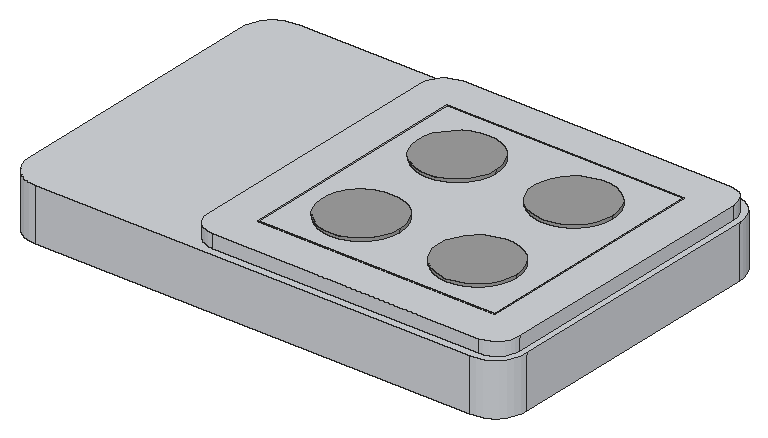
Revit family "Lighting-Industriale-GEWISS-SMART[4]HT_APPARECCHI-LED_1M", category Apparecchi per illuminazione, Revit 2019
Family settings
  Quota connettore circolare = Usa diametro
  Tipo di parte = Normale
  Numero OmniClass = 23.80.00.00
  Titolo OmniClass = Electric Power and Lighting
  Basato su piano di lavoro = Sì
  Sempre verticale = No
  Taglio con vuoti quando caricato = No
  Sorgente d'illuminazione = No
  Condiviso = No
  Punto di calcolo locali = No
Parameters (values of type "GWS4120CQ857 - SMART4LB 1M ST.AL.ON/OFF HT ELL.57K")
  Voltaggio = 230 V
  Viti esterne = "Acciaio inox"
  Vetro acceso = Lampada accesa
  Versione file RFA = "20.11"
  Vano di alimentazione = "Integrato"
  URL = "https://www.gewiss.com/it/it"
  Tolleranza cromatica = "SDCM = 3"
  Tipologia sorgente luminosa = "LED - Non sostituibile"
  Tipo di installazione e montaggio = "Plafone - Parete - Sospensione"
  Tipo di apparecchio = "Riflettore industriale a LED&nbsp;"
  Tensione di alimentazione = "220 - 240 V"
  Temperatura di stoccaggio = "-40 +70 °C"
  Temperatura di esercizio = "-30°C ÷ +60 °C"
  Temperatura di colore = "5700K"
  Superficie massima esposta al vento : = "0,097 m²"
  Spostamento_Y_etichetta [instance] = 0 mm
  Spostamento_Y_effettivo_etichetta [instance] = 1500 mm - Spostamento_Y_etichetta  # 1500 mm
  Spostamento_X_etichetta [instance] = 0 mm
  Spostamento_X_effettivo_etichetta [instance] = 1500 mm - Spostamento_X_etichetta  # 1500 mm
  SostituibilitÃ  piastra di cablaggio = "Non sostituibile"
  SostituibilitÃ  gruppo ottico = "Non sostituibile"
  Sistema di controllo : = "ON / OFF"
  Sistema di controllo = "ON / OFF"
  Schermo = "Vetro Temprato Spessore 4mm"
  Scheda Tecnica = "https://www.gewiss.com/it/it/search?q=GWS4120CQ857"
  SEO = "Low Bay"
  Resistenza al filo incandescente = "850 °C"
  Resistenza agli urti = "IK08"
  Produttore = "GEWISS S.p.A."
  Potenza di sistema = "48W"
  Peso (kg): = "3,5"
  Ottica = "Ellittica"
  Offset etichetta W [instance] = 120 mm
  Norma di riferimento = "EN 60598-1 ; EN 60598-2-1 ; EN 60598-2-24"
  Modello = "GWS4120CQ857"
  Materiali = "-"
  Lumen output (lm) = "6300"
  Lampada = "LED"
  Installazione e manutenzione = "-"
  Informazioni generali = "-"
  Indice di resa cromatica = "CRI-80"
  Inclinazione = "Con accessorio staffa"
  Immagine tipo = GWL1071.jpg
  IPEA = "-"
  IFC.TypeObject = ""
  IFC.ExportType = ""
  IFC.ExportAs = ""
  IDT = "36f92d81beab46f4b5fefa69774160e7"
  IDF = "7e642e0c-a44c-4e04-8a4c-7356ce50b369"
  Guarnizioni = "tipo siliconico antinvecchiamento "
  Gruppo ottico = "Riflettore in PC metallizzato e lenti in PMMA"
  Grado di protezione = "IP66"
  Garanzia = "5 anni"
  Gancio di chiusura = "-"
  Frequenza nominale (Hz) = "50/60 Hz"
  Fissaggio = "-"
  Finitura colore = "Grigio RAL 7035"
  Etichetta wattaggio [instance] = yes
  Default Elevation = 1219.2 mm
  Trasformatore = none
  Spessore plafoniera = 40 mm  # constant formula
  Proiettsmart [instance] = yes
  Raggio led = 30 mm  # constant formula
  Plafoniera = none
  Efficienza luminosa (lm/W) = "131"
  Durata di vita = "L90B10 (Tq+25°C) = 100.000 h - L90B10 (Tq+60°C) = 50.000 h"
  Dispositivo di protezione = "DM 6 kV / CM 10 kV"
  Descrizione = "SMART[4]LB 1M ST.AL.ON/OFF HT ELL.57K"
  Creato da GEWISS S.p.A. = ""
  Corpo = "PA6 “Halogen Free” caricato fibra vetro"
  Controllo abbagliamento e luminanza = "-"
  Contesto = "Illuminazione di logistiche e locali produttivi industriali"
  Commenti sul wattaggio = "50W"
  Colore = "Grigio RAL 7035"
  Codice digitale univoco (Datamatrix) = "Datamatrix"
  Codice Electrocod = "2444"
  Classificazione: = "-"
  Classificazione = Lighting
  Classe isolamento = "I"
  Classe fotobiologica = "RG0"
  Certificazioni e classificazioni = "-"
  Certificazione DIN 18032-3 = "-"
  Catalogo = "LIGHTING"
  Carico apparente = 50 VA
  Motore = none
  Lunghezza = 383 mm  # constant formula
  Larghezza = 253 mm  # constant formula
  Distanza tot_plafoniera = 74 mm  # constant formula
  Dettaglio bidimensionale attivo [instance] = not(Proiettsmart)  # no
  Caratteristiche ottiche e illuminotecniche = "-"
  Caratteristiche elettriche e gestione della luce = "-"
  Cablaggio = "Con connettore stagno Gw connect"
  COBie.Tagnumber = ""
  COBie.CreatedOn = ""
  COBie.CreatebBy = ""
  COBie.ComponentRegisterItemID = ""
  COBie.Component.TagNumber = ""
  COBie.Component.Space = ""
  COBie.Component.SerialNumber = ""
  COBie.Component.InstallationDate = ""
  COBie.Component.Description = ""
  COBie.Component.BarCode = ""
  Applicazione = "Interno"
  Apparecchio a ridotta temperatura superficiale = "Si"
  Alimentatore = "Incluso"
Types (8, lengths in mm): name | Temperatura di colore | Scheda Tecnica | SEO | Ottica | Modello | Lumen output (lm) | IDT | Gruppo ottico | Efficienza luminosa (lm/W) | Descrizione | Controllo abbagliamento e luminanza
  GWS4120CH840 - SMART4LB 1M ST.AL.ON/OFF HT 60° 40K | "4000K" | "https://www.gewiss.com/it/it/search?q=GWS4120CH840" | "" | "60°" | "GWS4120CH840" | "7000" | "994cc50be4794c6f98763d55ce6ac8e2" | "Riflettore in PC metallizzato e lenti in PMMA" | "146" | "SMART[4]LB 1M ST.AL.ON/OFF HT 60° 40K" | "UGR - 22"
  GWS4120CH857 - SMART4LB 1M ST.AL.ON/OFF HT 60° 57K | "5700K" | "https://www.gewiss.com/it/it/search?q=GWS4120CH857" | "" | "60°" | "GWS4120CH857" | "7000" | "c2a6f4f5aacd45969dd5271d7cafac6b" | "Riflettore in PC metallizzato e lenti in PMMA" | "146" | "SMART[4]LB 1M ST.AL.ON/OFF HT 60° 57K" | "UGR - 22"
  GWS4120CP840 - SMART4LB 1M ST.AL.ON/OFF HT 90° 40K | "4000K" | "https://www.gewiss.com/it/it/search?q=GWS4120CP840" | "" | "90°" | "GWS4120CP840" | "7200" | "d8ef7744fe26476d820ff8fb2a6d700d" | "Riflettore in PC metallizzato e lenti in PMMA" | "150" | "SMART[4]LB 1M ST.AL.ON/OFF HT 90° 40K" | "UGR - 25"
  GWS4120CP857 - SMART4LB 1M ST.AL.ON/OFF HT 90° 57K | "5700K" | "https://www.gewiss.com/it/it/search?q=GWS4120CP857" | "" | "90°" | "GWS4120CP857" | "7200" | "0b8a5d4c2d704cd6b2314fd1a8abbcf4" | "Riflettore in PC metallizzato e lenti in PMMA" | "150" | "SMART[4]LB 1M ST.AL.ON/OFF HT 90° 57K" | "UGR - 25"
  GWS4120CA840 - SMART4LB 1M ST.AL.ON/OFF HT ARR.40K | "4000K" | "https://www.gewiss.com/it/it/search?q=GWS4120CA840" | "Low Bay" | "Array" | "GWS4120CA840" | "7100" | "3193bf03814f4b9e90e795c491ca0831" | "Riflettore in PC metallizzato" | "148" | "SMART[4]LB 1M ST.AL.ON/OFF HT ARR.40K" | "-"
  GWS4120CA857 - SMART4LB 1M ST.AL.ON/OFF HT ARR.57K | "5700K" | "https://www.gewiss.com/it/it/search?q=GWS4120CA857" | "Low Bay" | "Array" | "GWS4120CA857" | "7100" | "f84f044251134f5c966d991b4ff7dd9a" | "Riflettore in PC metallizzato" | "148" | "SMART[4]LB 1M ST.AL.ON/OFF HT ARR.57K" | "-"
  GWS4120CQ840 - SMART4LB 1M ST.AL.ON/OFF HT ELL.40K | "4000K" | "https://www.gewiss.com/it/it/search?q=GWS4120CQ840" | "Low Bay" | "Ellittica" | "GWS4120CQ840" | "6300" | "f590253bc6b246b980f838c8b97f6537" | "Riflettore in PC metallizzato e lenti in PMMA" | "131" | "SMART[4]LB 1M ST.AL.ON/OFF HT ELL.40K" | "-"
  GWS4120CQ857 - SMART4LB 1M ST.AL.ON/OFF HT ELL.57K | "5700K" | "https://www.gewiss.com/it/it/search?q=GWS4120CQ857" | "Low Bay" | "Ellittica" | "GWS4120CQ857" | "6300" | "36f92d81beab46f4b5fefa69774160e7" | "Riflettore in PC metallizzato e lenti in PMMA" | "131" | "SMART[4]LB 1M ST.AL.ON/OFF HT ELL.57K" | "-"
Reference planes
  plane 1 "Centro (Fronte/Retro)": y = 0
  plane 2: z = 0
  plane 3 "Centro (Sinistra/Destra)": x = 0
  plane 4: x = -191.5
  plane 5: y = 126.5
  plane 6: x = 191.5
  plane 7: y = -126.5
  plane 8: z = -74
  plane 9: x = -175.5
  plane 10: y = -110.5
  plane 11: y = 110.5
  plane 12: x = -60.5
  plane 13: y = 121.5
  plane 14: x = 186.5
  plane 15: y = -120
  plane 16: z = 74
  plane 17: z = 84
  plane 18: z = 86
  plane 19: x = -1500
  plane 20: y = -1500
  plane 21: x = 0
  plane 22: y = 0
Dimensions and locks
  equal spacing: plane 5, plane 1 "Centro (Fronte/Retro)", plane 7
  equal spacing: plane 4, plane 3 "Centro (Sinistra/Destra)", plane 6
  "Lunghezza": plane 4 to plane 6
  "Larghezza": plane 5 to plane 7
  locked: plane 14 to plane 6 at 5
  locked: plane 5 to plane 13 at 5
  nested 3 to plane 8 = 133.058 mm
  locked: plane 4 to plane 9 at 16
  "Offset etichetta W": plane 1 "Centro (Fronte/Retro)" to plane 15
  "Distanza tot_plafoniera": plane 16 to level
  locked: plane 18 to plane 17 at 2
  plane 19 to plane 3 "Centro (Sinistra/Destra)" = 1500 mm
  plane 1 "Centro (Fronte/Retro)" to plane 20 = 1500 mm
  "Spostamento_Y_effettivo_etichetta": plane 22 to plane 20
  "Spostamento_X_effettivo_etichetta": plane 19 to plane 21
  aligned and locked: level to plane 2
  aligned and locked: plane 4 to nested 1
  aligned and locked: plane 6 to nested 1
  aligned and locked: plane 5 to nested 1
  aligned and locked: plane 7 to nested 1
  aligned and locked: plane 14 to nested 2
  aligned and locked: plane 1 "Centro (Fronte/Retro)" to nested 10
  aligned and locked: nested 3 to plane 2
  aligned and locked: plane 16 to nested 1
  aligned and locked: plane 1 "Centro (Fronte/Retro)" to nested 8
  aligned and locked: plane 1 "Centro (Fronte/Retro)" to nested 1
  aligned and locked: plane 1 "Centro (Fronte/Retro)" to nested 2
  aligned and locked: nested 2 to plane 16
  aligned and locked: nested 4 to plane 18
  aligned and locked: plane 18 to nested 6
  aligned and locked: nested 7 to plane 18
  aligned and locked: plane 18 to nested 5
  aligned and locked: nested 9 to plane 22
  aligned and locked: plane 21 to nested 9
Nested families
  nested 1: "Struttura_SMART[4] LB - 2+2 L" at (0, 0, 74), type "SMART Lab (4) 4L"
  nested 2: "mascherina_SMART (4)" at (66.5, 0, 84), type "Maschera_smart (4) 4L", detail levels medium+fine
  nested 3: "Staffa SMART LAB 4" at (65, -20, 59.058) x (0, 1, 0) z (0, 0, -1), type "Staffa SMART LAB 4", detail levels medium+fine
  nested 4: "Gewis - Led" at (20.25, 44.75, 86), type "Gewis - Led", detail levels fine
  nested 5: "Gewis - Led" at (109.75, 44.75, 86) x (-1, 0, 0) z (0, 0, 1), type "Gewis - Led", detail levels fine
  nested 6: "Gewis - Led" at (20.25, -47.75, 86), type "Gewis - Led", detail levels fine
  nested 7: "Gewis - Led" at (109.75, -47.75, 86) x (-1, 0, 0) z (0, 0, 1), type "Gewis - Led", detail levels fine
  nested 8: "Rappr_bidimensionale_SMART[4] LB 4L" at (40, 0, 0), visible <- "Dettaglio bidimensionale attivo", type "SMART[4] LB 4L_bidimensionalerfa"
  nested 9: "ETICHETTA LIGHT" at (0, 0, 0), visible <- "Etichetta wattaggio", type "ETICHETTA LIGHT"
  nested 10: "PROIETTSMART " at (-32.162, 0, 0), visible <- "Proiettsmart", type "PROIETTSMART "
Connectors
  electrical at (0.009, -0.098, 34), driven by "Classificazione", driven by "Carico apparente"
    settings: on nested 1, index 1, voltage 230 V, apparent load 0 VA, apparent load phase1 50 VA, apparent load phase2 0 VA, apparent load phase3 0 VA, power factor 1, load classification "Lighting", number of poles 2, system type 31, power factor state 1, is connector primary yes, connector utility no, sub classification motor no, connector description ""
Definition of nested family "Struttura_SMART[4] LB - 2+2 L"
  Parameters (values of type "SMART Lab (4) 4L")
    Struttura plafoniera = none
    Spessore_plafoniera = 40 mm
    Lunghezza = 383 mm
    Larghezza = 253 mm
  Reference planes
    plane 1 "Asse sorgente illuminazione (F/B)": y = 0
    plane 2: z = 0
    plane 3 "Asse sorgente illuminazione (L/R)": x = 0
    plane 4 "Prospetto sorgente di illuminazione": z = -40
    plane 5 "SX": x = -191.5
    plane 6 "DX": x = 191.5
    plane 7 "DIETRO": y = 126.5
    plane 8 "AVANTI": y = -126.5
    plane 9: x = -51.5
    plane 10: x = 180.5
    plane 11: y = -115.5
    plane 12: y = 115.5
    plane 13: x = -180.5
    plane 14: x = 51.5
  Forms (mm)
    Extrusion 1, solid, material <- "Struttura plafoniera"
      sketch origin (0, 0, 0) x (1, 0, 0) y (0, 1, 0)
        loop
          line (191.5, -102.095) -> (191.5, 102.09)
          arc (191.5, 102.09) -> (184.35, 119.35) -> (167.09, 126.5) r 24.41
          line (167.09, 126.5) -> (-167.009, 126.5)
          arc (-167.009, 126.5) -> (-184.554, 119.1) -> (-191.5, 101.371) r 24.499
          line (-191.5, 101.371) -> (-191.5, -102.092)
          arc (-191.5, -102.092) -> (-184.351, -119.351) -> (-167.092, -126.5) r 24.408
          line (-167.092, -126.5) -> (167.117, -126.5)
          arc (167.117, -126.5) -> (184.334, -119.368) -> (191.465, -102.152) r 24.348
      from -40 to 0
  Dimensions and locks
    equal spacing: plane 5 "SX", plane 3 "Asse sorgente illuminazione (L/R)", plane 6 "DX"
    equal spacing: plane 7 "DIETRO", plane 1 "Asse sorgente illuminazione (F/B)", plane 8 "AVANTI"
    "Lunghezza": plane 5 "SX" to plane 6 "DX"
    "Larghezza": plane 7 "DIETRO" to plane 8 "AVANTI"
    locked: plane 7 "DIETRO" to plane 12 at 11
    locked: plane 11 to plane 8 "AVANTI" at 11
    locked: plane 10 to plane 6 "DX" at 11
    locked: plane 9 to plane 10 at 232
    plane 13 to plane 14 = 232 mm
    locked: plane 5 "SX" to plane 13 at 11
    "Spessore_plafoniera": plane 2 to plane 4 "Prospetto sorgente di illuminazione"
    aligned and locked: level to plane 2
    aligned and locked: Extrusion 1 to plane 5 "SX"
    aligned and locked: Extrusion 1 to plane 8 "AVANTI"  (x2)
    aligned and locked: plane 7 "DIETRO" to Extrusion 1
    aligned and locked: plane 6 "DX" to Extrusion 1
    aligned and locked: plane 4 "Prospetto sorgente di illuminazione" to Extrusion 1
    aligned and locked: plane 2 to Extrusion 1
  Automatic sketch dimensions
    Extrusion 1 sketch curve to plane 5 "SX" = 0 mm
    Extrusion 1 sketch curve to plane 8 "AVANTI" = 0 mm
    Extrusion 1 sketch curve to plane 7 "DIETRO" = 0 mm
    Extrusion 1 sketch curve to plane 6 "DX" = 0 mm
    plane 13 to Extrusion 1 sketch curve = 13.408 mm
    plane 13 to Extrusion 1 sketch curve = 13.491 mm
    Extrusion 1 sketch curve to plane 10 = 13.41 mm
    Extrusion 1 sketch curve to plane 10 = 13.383 mm
    plane 11 to Extrusion 1 sketch curve = 13.348 mm
    Extrusion 1 sketch curve to plane 12 = 14.129 mm
    Extrusion 1 sketch curve to Extrusion 1 sketch curve = 0.056 mm
Definition of nested family "mascherina_SMART (4)"
  Parameters (values of type "Maschera_smart (4) 4L")
    Spessore_mascherina = 10 mm
    Default Elevation = 1219.2 mm
    N.intarsi = (Lunghezza_mascherina - (Bordo * 2)) / 15 mm  # 12
    N._intarsi verticale = (Larghezza_mascherina - (Bordo * 2)) / 17 mm  # 11
    Mascherina = none
    Lunghezza_mascherina = 240 mm
    Larghezza_mascherina = 240 mm
    Distanza_intarsi v. = 41 mm  # constant formula
    Distanza_intarsi = 37 mm  # constant formula
    Bordo = 29 mm
  Reference planes
    plane 1 "Centro (Fronte/Retro)": y = 0
    plane 2: z = 0
    plane 3 "Centro (Sinistra/Destra)": x = 0
    plane 4: x = -120
    plane 5 "Dietro": y = 120
    plane 6: x = 120
    plane 7: y = -120
    plane 8: x = -91
    plane 9: y = -91
    plane 10: x = 91
    plane 11: y = 91
    plane 12: x = -83
    plane 13: y = 94.742
    plane 14: y = -95
    plane 15: z = -10
    plane 16: x = -95
    plane 17: y = 79
    plane 18: y = -79
    plane 19: x = 95
    plane 20: z = -4.799
  Forms (mm)
    Extrusion 1, solid, material <- "Mascherina"
      sketch origin (0, 0, 0) x (1, 0, 0) y (0, 1, 0)
        loop
          arc (-102.5, 120) -> (-114.874, 114.874) -> (-120, 102.5) r 17.5
          line (-120, 102.5) -> (-120, -102.5)
          arc (-120, -102.5) -> (-114.874, -114.874) -> (-102.5, -120) r 17.5
          line (-102.5, -120) -> (102.5, -120)
          arc (102.5, -120) -> (114.874, -114.874) -> (120, -102.5) r 17.5
          line (120, -102.5) -> (120, 102.5)
          arc (120, 102.5) -> (114.874, 114.874) -> (102.5, 120) r 17.5
          line (102.5, 120) -> (-102.5, 120)
        loop
          line (-91, 91) -> (-91, -91) -> (91, -91) -> (91, 91) -> (-91, 91)
      from -10 to 0
    Extrusion 2, solid, material <- "Mascherina"
      sketch origin (0, 0, 0) x (1, 0, 0) y (0, 1, 0)
        loop
          line (-91, 91) -> (-91, -91) -> (91, -91) -> (91, 91) -> (-91, 91)
      from -4.799 to 0
  Dimensions and locks
    equal spacing: plane 4, plane 3 "Centro (Sinistra/Destra)", plane 6
    "Lunghezza_mascherina": plane 4 to plane 6
    equal spacing: plane 5 "Dietro", plane 1 "Centro (Fronte/Retro)", plane 7
    "Larghezza_mascherina": plane 5 "Dietro" to plane 7
    "Bordo": plane 4 to plane 8
    "Bordo": plane 9 to plane 7
    "Bordo": plane 5 "Dietro" to plane 11
    "Bordo": plane 10 to plane 6
    "Distanza_intarsi": plane 4 to plane 12
    locked: plane 13 to plane 11 at 3.742
    "Spessore_mascherina": plane 2 to plane 15
    "Distanza_intarsi v.": plane 5 "Dietro" to plane 17
    "Distanza_intarsi v.": plane 18 to plane 7
    locked: plane 9 to plane 14 at 4
    locked: plane 16 to plane 8 at 4
    locked: plane 10 to plane 19 at 4
    locked: plane 2 to plane 20 at 4.799
    radius of Extrusion 1 sketch curve = 17.5 mm  (x4)
    aligned and locked: level to plane 2
    aligned and locked: plane 4 to Extrusion 1 sketch curve
    aligned and locked: plane 6 to Extrusion 1 sketch curve
    aligned and locked: Extrusion 1 sketch curve to plane 5 "Dietro"
    aligned and locked: Extrusion 1 sketch curve to plane 7
    aligned and locked: Extrusion 1 sketch curve to plane 11
    aligned and locked: plane 8 to Extrusion 1 sketch curve
    aligned and locked: plane 9 to Extrusion 1 sketch curve
    aligned and locked: Extrusion 1 sketch curve to plane 10
    aligned and locked: plane 2 to Extrusion 1
    aligned and locked: Extrusion 1 to plane 15
    aligned and locked: Extrusion 2 sketch curve to plane 10
    aligned and locked: plane 9 to Extrusion 2 sketch curve
    aligned and locked: plane 8 to Extrusion 2 sketch curve
    aligned and locked: Extrusion 2 sketch curve to plane 11
    aligned and locked: plane 2 to Extrusion 2
    aligned and locked: Extrusion 2 to plane 20
Definition of nested family "Staffa SMART LAB 4"
  Parameters (values of type "Staffa SMART LAB 4")
    Staffa = none
    Default Elevation = 1219.2 mm
  Reference planes
    plane 1 "Centro (Fronte/Retro)": y = 0
    plane 2: z = 0
    plane 3 "Centro (Sinistra/Destra)": x = 0
    plane 4: y = 25
    plane 5: y = -25
    plane 6: x = -480
    plane 7: x = 480
    plane 8: z = 340
  Forms (mm)
    Extrusion 1, solid, material <- "Staffa"
      sketch origin (-19.427, 0, 0) x (1, 0, 0) y (0, 0, 1)
        loop
          line (-52.112, 0) -> (-51.312, 0) -> (-51.312, 5.038) -> (-51.312, 7.679) -> (-48.064, 11.553) -> (-48.309, 20.832)
          arc (-48.309, 20.832) -> (-48.108, 21.384) -> (-47.585, 21.651) r 0.801
          line (-47.585, 21.651) -> (-46.541, 21.744)
          arc (-46.541, 21.744) -> (-45.388, 22.346) -> (-44.998, 23.587) r 1.701
          line (-44.998, 23.587) -> (-45.225, 26.168) -> (-47.881, 28.39) -> (-47.881, 32.971) -> (-23.475, 58.058) -> (62.329, 58.058) -> (86.735, 32.971) -> (86.735, 28.39) -> (84.08, 26.168) -> (83.852, 23.587)
          arc (83.852, 23.587) -> (84.243, 22.346) -> (85.396, 21.744) r 1.701
          line (85.396, 21.744) -> (86.439, 21.651)
          arc (86.439, 21.651) -> (86.963, 21.384) -> (87.163, 20.832) r 0.801
          line (87.163, 20.832) -> (86.919, 11.553) -> (90.167, 7.679) -> (90.167, 5.038) -> (90.167, 0) -> (90.967, 0) -> (90.967, 5.038) -> (90.967, 7.979) -> (87.921, 11.618) -> (88.163, 20.806)
          arc (88.163, 20.806) -> (87.71, 22.048) -> (86.531, 22.647) r 1.801
          line (86.531, 22.647) -> (85.484, 22.74)
          arc (85.484, 22.74) -> (85.009, 22.988) -> (84.849, 23.499) r 0.701
          line (84.849, 23.499) -> (85.039, 25.667) -> (87.735, 27.923) -> (87.735, 32.876) -> (86.947, 34.187) -> (62.751, 59.058) -> (-23.897, 59.058) -> (-48.093, 34.187) -> (-48.881, 32.876) -> (-48.881, 27.923) -> (-46.185, 25.667) -> (-45.994, 23.499)
          arc (-45.994, 23.499) -> (-46.155, 22.988) -> (-46.63, 22.74) r 0.701
          line (-46.63, 22.74) -> (-47.676, 22.647)
          arc (-47.676, 22.647) -> (-48.856, 22.048) -> (-49.308, 20.806) r 1.801
          line (-49.308, 20.806) -> (-49.066, 11.618) -> (-52.112, 7.979) -> (-52.112, 5.038) -> (-52.112, 0)
      from -25 to 25
  Dimensions and locks
    equal spacing: plane 6, plane 3 "Centro (Sinistra/Destra)", plane 7
    equal spacing: plane 4, plane 1 "Centro (Fronte/Retro)", plane 5
    plane 4 to plane 5 = 50 mm
    plane 6 to plane 7 = 960 mm
    aligned and locked: level to plane 2
    aligned and locked: plane 4 to Extrusion 1
    aligned and locked: Extrusion 1 to plane 5
  Automatic sketch dimensions
    Extrusion 1 sketch curve to Extrusion 1 sketch curve = 0 mm  (x10)
    Extrusion 1 sketch curve to level = 0 mm  (x2)
    level to Extrusion 1 sketch curve = 5.038 mm
    Extrusion 1 sketch curve to plane 3 "Centro (Sinistra/Destra)" = 71.54 mm
    Extrusion 1 sketch curve to Extrusion 1 sketch curve = 0.8 mm  (x2)
    level to Extrusion 1 sketch curve = 20.806 mm  (x2)
    Extrusion 1 sketch curve to Extrusion 1 sketch curve = 2.804 mm
    level to Extrusion 1 sketch curve = 11.618 mm  (x2)
    Extrusion 1 sketch curve to Extrusion 1 sketch curve = 2.246 mm  (x2)
    Extrusion 1 sketch curve to Extrusion 1 sketch curve = 0.428 mm
    level to Extrusion 1 sketch curve = 20.832 mm  (x2)
    Extrusion 1 sketch curve to Extrusion 1 sketch curve = 1 mm  (x4)
    Extrusion 1 sketch curve to Extrusion 1 sketch curve = 0.788 mm
    level to Extrusion 1 sketch curve = 11.553 mm  (x2)
    Extrusion 1 sketch curve to Extrusion 1 sketch curve = 1.002 mm  (x2)
    level to Extrusion 1 sketch curve = 22.647 mm  (x2)
    Extrusion 1 sketch curve to Extrusion 1 sketch curve = 0.632 mm
    level to Extrusion 1 sketch curve = 21.651 mm  (x2)
    Extrusion 1 sketch curve to Extrusion 1 sketch curve = 0.092 mm  (x2)
    Extrusion 1 sketch curve to Extrusion 1 sketch curve = 0.984 mm
    level to Extrusion 1 sketch curve = 22.74 mm  (x2)
    Extrusion 1 sketch curve to Extrusion 1 sketch curve = 0.062 mm
    level to Extrusion 1 sketch curve = 21.744 mm  (x2)
    Extrusion 1 sketch curve to Extrusion 1 sketch curve = 0.088 mm
    Extrusion 1 sketch curve to Extrusion 1 sketch curve = 0.507 mm
    level to Extrusion 1 sketch curve = 23.499 mm  (x2)
    Extrusion 1 sketch curve to Extrusion 1 sketch curve = 0.698 mm  (x2)
    Extrusion 1 sketch curve to Extrusion 1 sketch curve = 0.96 mm  (x2)
    level to Extrusion 1 sketch curve = 23.587 mm  (x2)
    Extrusion 1 sketch curve to plane 3 "Centro (Sinistra/Destra)" = 43.324 mm
    Extrusion 1 sketch curve to Extrusion 1 sketch curve = 0.422 mm  (x2)
    plane 3 "Centro (Sinistra/Destra)" to Extrusion 1 sketch curve = 42.902 mm
    Extrusion 1 sketch curve to Extrusion 1 sketch curve = 21.523 mm
    level to Extrusion 1 sketch curve = 26.168 mm
    Extrusion 1 sketch curve to Extrusion 1 sketch curve = 0.227 mm
    Extrusion 1 sketch curve to Extrusion 1 sketch curve = 0.996 mm
    level to Extrusion 1 sketch curve = 25.667 mm
    Extrusion 1 sketch curve to Extrusion 1 sketch curve = 0.548 mm
    Extrusion 1 sketch curve to Extrusion 1 sketch curve = 0.966 mm
    Extrusion 1 sketch curve to Extrusion 1 sketch curve = 0.077 mm
    level to Extrusion 1 sketch curve = 28.39 mm
    Extrusion 1 sketch curve to Extrusion 1 sketch curve = 1.696 mm
    Extrusion 1 sketch curve to Extrusion 1 sketch curve = 0.557 mm
    level to Extrusion 1 sketch curve = 34.187 mm
    Extrusion 1 sketch curve to Extrusion 1 sketch curve = 0.212 mm
    Extrusion 1 sketch curve to Extrusion 1 sketch curve = 0.801 mm
    level to Extrusion 1 sketch curve = 7.679 mm
    Extrusion 1 sketch curve to Extrusion 1 sketch curve = 2.641 mm  (x2)
    Extrusion 1 sketch curve to Extrusion 1 sketch curve = 0.3 mm  (x2)
    Extrusion 1 sketch curve to Extrusion 1 sketch curve = 2.168 mm
    Extrusion 1 sketch curve to Extrusion 1 sketch curve = 0.501 mm
    Extrusion 1 sketch curve to Extrusion 1 sketch curve = 0.467 mm  (x2)
    Extrusion 1 sketch curve to Extrusion 1 sketch curve = 2.256 mm
    Extrusion 1 sketch curve to Extrusion 1 sketch curve = 4.486 mm
    Extrusion 1 sketch curve to Extrusion 1 sketch curve = 1.311 mm
    Extrusion 1 sketch curve to Extrusion 1 sketch curve = 0.095 mm  (x2)
    Extrusion 1 sketch curve to Extrusion 1 sketch curve = 1.216 mm
    Extrusion 1 sketch curve to Extrusion 1 sketch curve = 23.87 mm
Definition of nested family "Gewis - Led"
  Parameters (values of type "Gewis - Led")
    Vetro = none
    Raggio led = 30 mm
    Default Elevation = 1219.2 mm
    Estensione vetro = 3 mm
  Reference planes
    plane 1 "Centro (Fronte/Retro)": y = 0
    plane 2: z = 0
    plane 3 "Centro (Sinistra/Destra)": x = 0
  Forms (mm)
    Extrusion 1, solid, material <- "Vetro"
      sketch origin (0, 0, 0) x (1, 0, 0) y (0, 1, 0)
        loop
          circle (0, 0) r 30
      from -3 to 0
  Dimensions and locks
    "Estensione vetro": level to Extrusion 1
    "Raggio led": radius of Extrusion 1 sketch curve
    aligned and locked: level to plane 2
    aligned and locked: level to Extrusion 1
  Automatic sketch dimensions
    plane 1 "Centro (Fronte/Retro)" to Extrusion 1 sketch curve = 0 mm
    Extrusion 1 sketch curve to plane 3 "Centro (Sinistra/Destra)" = 0 mm
Definition of nested family "Rappr_bidimensionale_SMART[4] LB 4L"
  Reference planes
    plane 1 "Centro (Fronte/Retro)": y = 0
    plane 2: z = 0
    plane 3 "Centro (Sinistra/Destra)": x = 0
  Lines and regions (mm)
    model lines, in view "Livello rif."
      curve 1: circle (-20.568, 47.057, 0) r 28.619 normal (0, 0, 1)
      curve 2: circle (73.432, -46.943, 0) r 28.619 normal (0, 0, 1)
      curve 3: circle (-20.568, -46.943, 0) r 28.619 normal (0, 0, 1)
      curve 4: circle (73.432, 47.057, 0) r 28.619 normal (0, 0, 1)
      curve 5: arc (-93.068, -104.009, 0) -> (-88.529, -114.969, 0) -> (-77.568, -119.509, 0) r 15.5
      curve 6: arc (145.932, 103.991, 0) -> (141.392, 114.952, 0) -> (130.432, 119.491, 0) r 15.5
      curve 7: arc (-77.568, 119.491, 0) -> (-88.529, 114.952, 0) -> (-93.068, 103.991, 0) r 15.5
      curve 8: arc (130.432, -119.509, 0) -> (141.392, -114.969, 0) -> (145.932, -104.009, 0) r 15.5
      curve 9: arc (152.721, 103.991, 0) -> (146.196, 119.749, 0) -> (130.441, 126.281, 0) r 22.29
      curve 10: arc (130.443, -126.298, 0) -> (146.197, -119.766, 0) -> (152.721, -104.009, 0) r 22.29
      curve 11: arc (-230.358, -108, 0) -> (-225, -120.942, 0) -> (-212.058, -126.298, 0) r 18.29
      curve 12: arc (-212.077, 126.281, 0) -> (-225.001, 120.924, 0) -> (-230.358, 108, 0) r 18.29
      curve 13: line (-66.068, -92.509, 0) -> (-66.068, 92.491, 0)
      curve 14: line (-66.068, 92.491, 0) -> (118.932, 92.491, 0)
      curve 15: line (118.932, 92.491, 0) -> (118.932, -92.509, 0)
      curve 16: line (118.932, -92.509, 0) -> (-66.068, -92.509, 0)
      curve 17: line (-77.568, -119.509, 0) -> (130.432, -119.509, 0)
      curve 18: line (-77.568, 119.491, 0) -> (130.432, 119.491, 0)
      curve 19: line (-93.068, 103.991, 0) -> (-93.068, -104.009, 0)
      curve 20: line (145.932, 103.991, 0) -> (145.932, -104.009, 0)
      curve 21: line (-212.077, 126.281, 0) -> (130.441, 126.281, 0)
      curve 22: line (152.721, 103.991, 0) -> (152.721, -104.009, 0)
      curve 23: line (130.443, -126.298, 0) -> (-212.058, -126.298, 0)
      curve 24: line (-230.358, -108, 0) -> (-230.358, 108, 0)
Definition of nested family "ETICHETTA LIGHT"
  Parameters (values of type "ETICHETTA LIGHT")
    COMMENTI = "53W"
  Reference planes
    plane 1: y = 0
    plane 2: x = 0
  Text (mm)
    label "COMMENTI" at (-0.057, 0.105, 0), shows "COMMENTI"
Definition of nested family "PROIETTSMART "
  Reference planes
    plane 1 "Centro (Fronte/Retro)": y = 0
    plane 2: z = 0
    plane 3 "Centro (Sinistra/Destra)": x = 0
  Lines and regions (mm)
    model lines, in view "Livello rif."
      curve 1: line (120.593, -21.515, 0) -> (77.393, -0.008, 0)
      curve 2: line (77.393, -0.008, 0) -> (120.593, 21.758, 0)
      curve 3: line (120.593, 21.758, 0) -> (120.593, -21.515, 0)
      curve 4: line (77.393, 21.629, 0) -> (77.393, -21.645, 0)
      curve 5: line (77.393, -0.008, 0) -> (52.133, -0.008, 0)
      curve 6: line (120.593, 0.122, 0) -> (139.246, 0.122, 0)
      curve 7: line (162.162, 66.747, 0) -> (162.162, -66.747, 0)
      curve 8: line (162.162, -66.747, 0) -> (-97.838, -66.747, 0)
      curve 9: line (-97.838, -66.747, 0) -> (-97.838, 66.747, 0)
      curve 10: line (-97.838, 66.747, 0) -> (162.162, 66.747, 0)
      curve 11: line (45.772, 49.667, 0) -> (145.121, 49.667, 0)
      curve 12: line (145.121, 49.667, 0) -> (145.121, -49.683, 0)
      curve 13: line (145.121, -49.683, 0) -> (45.772, -49.683, 0)
      curve 14: line (45.772, -49.683, 0) -> (45.772, 49.667, 0)
